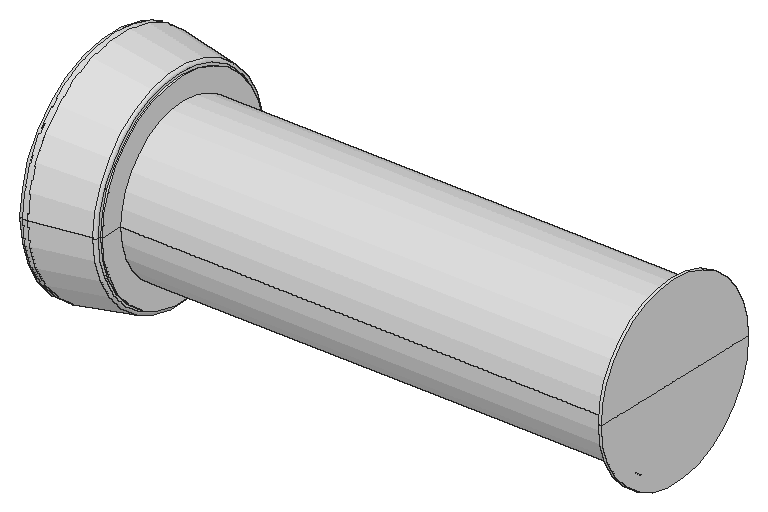
Revit family "ERA_Клапан приточный_KP KIV", category Оборудование, Revit 2019
Family settings
  Размер круглого соединителя = Использовать диаметр
  Классификация = Нет
  Тип детали = Вставляется
  На основе рабочей плоскости = Нет
  Всегда вертикально = Да
  При загрузке вырезать с полостями = Нет
  Общий = Нет
  Точка расчета площади = Нет
Parameters (values of type "12,5KP KIV050-03")
  УГО_Видимость [instance] = yes
  Производитель_Контакты_Телефон = "8 (4912) 70-16-76, 8 (4912) 24-16-00"  # constant formula
  Изготовитель = "ООО «ЭРА»"  # constant formula
  Длина воздуховода_Округленная [instance] = if((roundup(ERA_Длина воздуховода / 50 mm) * 50) * 1 mm < 400 mm, 400 mm, if((roundup(ERA_Длина воздуховода / 50 mm) * 50) * 1 mm > 1000 mm, 1000 mm, (roundup(ERA_Длина воздуховода / 50 mm) * 50) * 1 mm))  # 400 mm
  ERA_Цвет (декоративный) = "White"  # constant formula
  ERA_Принцип вентиляции = "Приточный"  # constant formula
  ERA_Материал утеплителя = size_lookup(LT, "Материал утеплителя", "Ошибка!", Code1)  # "вспен.ПЭТ"
  ERA_Материал корпуса = "пластик"  # constant formula
  ERA_Количество в транспортной упаковке = "1"  # constant formula
  URL = "https://era.trade"
  LT = "ERA_Клапан приточный_KP KIV"  # constant formula
  ERA_Цвет = "Белый"  # constant formula
  ERA_Управление = "Механическое"  # constant formula
  ERA_Торговая марка = "ERA"  # constant formula
  ERA_Страна производитель = "Россия"  # constant formula
  ERA_Размещение = "в стену"  # constant formula
  ERA_Контакты = "8 (4912) 70-16-76, 8 (4912) 24-16-00"  # constant formula
  ERA_Длина воздуховода [instance] = 0 mm
  ERA_Гарантия = "2 года"  # constant formula
  Code1 = 3
  ADSK_Этаж [instance] = ""
  ADSK_Размер_Ширина = ADSK_Размер_Высота  # 190 mm
  ADSK_Размер_Длина [instance] = Длина воздуховода_Округленная + 71 mm  # 471 mm
  ADSK_Размер_Диаметр = 125 mm  # constant formula
  ADSK_Размер_Высота = 190 mm  # constant formula
  ADSK_Примечание [instance] = ""
  ADSK_Позиция [instance] = ""
  ADSK_Обозначение = size_lookup(LT, "ADSK_Обозначение", "Ошибка!", Code1)  # "12,5KP KIV050-03"
  ADSK_Наименование краткое [instance] = ADSK_Марка  # "12,5KP KIV050-03"
  ADSK_Наименование = size_lookup(LT, "ADSK_Наименование", "Ошибка!", Code1)  # "Клапан приточный 12,5KP KIV050-03"
  ADSK_Материал = ERA_Пластик_Серебристый
  ADSK_Масса_Текст [instance] = size_lookup(LT, "ADSK_Масса_Текст", "Ошибка!", Code1, Длина воздуховода_Округленная)  # "0.95"
  ADSK_Масса [instance] = size_lookup(LT, "ADSK_Масса", 0, Code1, Длина воздуховода_Округленная)  # 0.95
  ADSK_Марка = ADSK_Обозначение  # "12,5KP KIV050-03"
  ADSK_Количество = 1  # constant formula
  ADSK_Код изделия = ADSK_Марка  # "12,5KP KIV050-03"
  ADSK_Завод-изготовитель = "ООО «ЭРА»"  # constant formula
  ADSK_Единица измерения = "шт."  # constant formula
  ADSK_Группирование [instance] = ""
  ADSK_Версия семейства = "Ver.1 2025-02"  # constant formula
  ADSK_Версия Revit = "2019"  # constant formula
  ADSK_URL страницы изделия = "https://era.trade/catalog/klapan_pritochnyy/kp-kiv/"
  ADSK_URL документации изделия = "https://era.trade/catalog/klapan_pritochnyy/kp-kiv/"
Types (3, lengths in mm): name | Длина воздуховода_Округленная | ERA_Материал утеплителя | ERA_Длина воздуховода | Code1 | ADSK_Размер_Длина | ADSK_Обозначение | ADSK_Наименование краткое | ADSK_Наименование | ADSK_Материал | ADSK_Масса_Текст | ADSK_Масса | ADSK_Марка | ADSK_Код изделия
  12,5KP KIV050-01 | 1000 | "мин.вата фольга" | 1100 | 1 | 1071 | "12,5KP KIV050-01" | "12,5KP KIV050-01" | "Клапан приточный 12,5KP KIV050-01" | ERA_Условный_Белый | "2.75" | 2.75 | "12,5KP KIV050-01" | "12,5KP KIV050-01"
  12,5KP KIV050-02 | 400 | "мин.вата" | 0 | 2 | 471 | "12,5KP KIV050-02" | "12,5KP KIV050-02" | "Клапан приточный 12,5KP KIV050-02" | ERA_Пластик_Серебристый | "0.95" | 0.95 | "12,5KP KIV050-02" | "12,5KP KIV050-02"
  12,5KP KIV050-03 | 400 | "вспен.ПЭТ" | 0 | 3 | 471 | "12,5KP KIV050-03" | "12,5KP KIV050-03" | "Клапан приточный 12,5KP KIV050-03" | ERA_Пластик_Серебристый | "0.95" | 0.95 | "12,5KP KIV050-03" | "12,5KP KIV050-03"
Reference planes
  plane 1 "По центру (Вперед/Назад)": y = 0
  plane 2: z = 0
  plane 3 "По центру (Влево/Вправо)": x = 0
  plane 4: x = -71.023
  plane 5: x = 399.977
  plane 6: y = 95
  plane 7: y = -95
  plane 8: x = 402.477
Forms (mm)
  Revolve 1, solid, material "ERA_Пластик_Серебристый" <- "ADSK_Материал", detail levels fine
    sketch origin (0.867, 0, 0) x (1, 0, 0) y (0, 1, 0)
      loop
        line (399.11, 64.3) -> (-0.867, 64.3) -> (-0.867, 82.5) -> (-2.85, 82.5) -> (-2.85, 84.126)
        arc (-2.85, 84.126) -> (-3.469, 85.827) -> (-5.037, 86.732) r 2.646
        line (-5.037, 86.732) -> (-52.09, 95.029) -> (-56.127, 95.029)
        spline (-56.127, 95.029) -> (-58.7, 94.13) -> (-60.033, 92.045) -> (-61.143, 88.748) -> (-62.199, 84.807) -> (-63.312, 80.574) -> (-64.482, 76.001) -> (-65.701, 71.001) -> (-66.96, 65.485) -> (-68.242, 59.363) -> (-69.513, 52.547) -> (-70.741, 44.944) -> (-71.89, 36.466)
        line (-71.89, 36.466) -> (-69.755, 33.416) -> (-67.234, 33.416) -> (-67.234, 27.048) -> (-68.54, 27.048) -> (-68.54, 28.56) -> (-71.14, 28.56) -> (-71.14, 0) -> (401.61, 0) -> (401.61, 75) -> (399.11, 75) -> (399.11, 64.3)
      axis (401.61, 0) -> (-71.89, 0)
    angle from 0 to 360
Dimensions and locks
  "ADSK_Размер_Длина": plane 4 to plane 5
  equal spacing: plane 6, plane 1 "По центру (Вперед/Назад)", plane 7
  "ADSK_Размер_Высота": plane 6 to plane 7
  locked: plane 4 to plane 3 "По центру (Влево/Вправо)" at 71.023
  "Длина воздуховода_Округленная": plane 3 "По центру (Влево/Вправо)" to plane 5
  locked: plane 5 to plane 8 at 2.5
  aligned and locked: level to plane 2
  aligned and locked: Revolve 1 sketch curve to plane 8
  aligned and locked: Revolve 1 sketch curve to plane 5
  aligned and locked: plane 4 to nested 1
  aligned and locked: plane 4 to nested 2
  aligned and locked: plane 1 "По центру (Вперед/Назад)" to nested 2
  aligned and locked: plane 1 "По центру (Вперед/Назад)" to nested 1
Automatic sketch dimensions
  plane 1 "По центру (Вперед/Назад)" to Revolve 1 sketch curve = 0 mm  (x2)
  Revolve 1 sketch curve to plane 4 = 0 mm
  Revolve 1 sketch curve to plane 3 "По центру (Влево/Вправо)" = 0 mm
  Revolve 1 sketch curve to plane 4 = 0.75 mm
  Revolve 1 sketch curve to plane 4 = 2.135 mm
  Revolve 1 sketch curve to Revolve 1 sketch curve = 2.6 mm
  Revolve 1 sketch curve to Revolve 1 sketch curve = 1.306 mm
  Revolve 1 sketch curve to plane 6 = 0.029 mm
  Revolve 1 sketch curve to plane 4 = 15.763 mm
  Revolve 1 sketch curve to Revolve 1 sketch curve = 4.037 mm
  Revolve 1 sketch curve to plane 3 "По центру (Влево/Вправо)" = 4.629 mm
  Revolve 1 sketch curve to Revolve 1 sketch curve = 0.459 mm
  Revolve 1 sketch curve to plane 3 "По центру (Влево/Вправо)" = 1.983 mm
  Revolve 1 sketch curve to plane 1 "По центру (Вперед/Назад)" = 27.048 mm
  Revolve 1 sketch curve to Revolve 1 sketch curve = 1.512 mm
  Revolve 1 sketch curve to Revolve 1 sketch curve = 4.857 mm
  Revolve 1 sketch curve to Revolve 1 sketch curve = 3.049 mm
  plane 6 to Revolve 1 sketch curve = 30.7 mm
  Revolve 1 sketch curve to Revolve 1 sketch curve = 10.7 mm
  plane 6 to Revolve 1 sketch curve = 12.5 mm
  Revolve 1 sketch curve to Revolve 1 sketch curve = 1.626 mm
  plane 4 to Revolve 1 sketch curve = 1928.11 mm
  plane 8 to Revolve 1 sketch curve = 1598.5 mm
Nested families
  nested 1: "УГО_Приток_3D" at (103.977, 0, 0) x (1, 0, 0) z (0, -1, 0), visible <- "УГО_Видимость", type "УГО_Приток_3D", detail levels coarse+medium
    with B 350 mm
  nested 2: "УГО_Приток_2D" at (12.277, 0, 0), visible <- "УГО_Видимость", type "УГО_Приток_2D", detail levels coarse+medium
Definition of nested family "УГО_Приток_3D"
  Parameters (values of type "УГО_Приток_3D")
    Description = ""
    Model = ""
    B [instance] = 350 mm
  Reference planes
    plane 1 "По центру (Вперед/Назад)": y = 0
    plane 2: z = 0
    plane 3 "По центру (Влево/Вправо)": x = 0
    plane 4: x = -175
    plane 5: x = 175
    plane 6: y = 175
    plane 7: y = -175
  Forms (mm)
    Extrusion 1, solid
      sketch origin (0, 0, 0) x (1, 0, 0) y (0, 1, 0)
        loop
          line (-87.5, -151.554) -> (175, 0) -> (-87.5, 151.554) -> (-175, 151.554) -> (-175, -151.554) -> (-87.5, -151.554)
      from 0.1 to -0.1
  Lines and regions (mm)
    model lines, not visible
      curve 1: circle (0, 0, 0) r 175 normal (0, 0, 1)
    model lines
      curve 2: line (175, 0, 0) -> (-87.5, -151.554, 0)
      curve 3: line (-87.5, -151.554, 0) -> (-87.5, 151.554, 0)
      curve 4: line (175, 0, 0) -> (-87.5, 151.554, 0)
      curve 5: line (-137.5, -151.554, 0) -> (-137.5, 151.554, 0)
  Dimensions and locks
    equal spacing: plane 4, plane 3 "По центру (Влево/Вправо)", plane 5
    "B": plane 4 to plane 5
    equal spacing: plane 7, plane 1 "По центру (Вперед/Назад)", plane 6
    "B": plane 7 to plane 6
    "B": diameter of curve 1
    locked: curve 4 to plane 1 "По центру (Вперед/Назад)" (angle 30.00°)
    locked: curve 3 to curve 4 (angle 60.00°)
    locked: curve 2 to curve 3 (angle 60.00°)
    aligned and locked: level to plane 2
    aligned and locked: plane 3 "По центру (Влево/Вправо)" to curve 1
    aligned and locked: plane 1 "По центру (Вперед/Назад)" to curve 1
  Automatic sketch dimensions
    Extrusion 1 sketch curve to plane 4 = 0 mm
    plane 1 "По центру (Вперед/Назад)" to Extrusion 1 sketch curve = 0 mm
    Extrusion 1 sketch curve to plane 5 = 0 mm
    Extrusion 1 sketch curve to plane 7 = 23.446 mm
    Extrusion 1 sketch curve to Extrusion 1 sketch curve = 87.5 mm
    Extrusion 1 sketch curve to plane 3 "По центру (Влево/Вправо)" = 87.5 mm
    Extrusion 1 sketch curve to plane 6 = 23.446 mm
    curve 5 to plane 4 = 37.5 mm
    curve 5 to plane 7 = 23.446 mm
    curve 5 to plane 6 = 23.446 mm
Definition of nested family "УГО_Приток_2D"
  Parameters (values of type "УГО_Приток_2D")
    Description = ""
    l = 206.114 mm
    a = 0.15 * A  # 35.7 mm
    A = 238 mm
  Reference planes
    plane 1 "По центру (Вперед/Назад)": y = 0
    plane 2: z = 0
    plane 3 "По центру (Влево/Вправо)": x = 0
    plane 4: x = -119
    plane 5: x = 119
    plane 6: y = 119
    plane 7: y = -119
  Lines and regions (mm)
    detail lines, in view "Опорный уровень", not visible
      curve 1: circle (0, 0, 0) r 119 normal (0, 0, 1)
    detail lines, in view "Опорный уровень"
      curve 2: line (119, 0, 0) -> (-59.5, 103.057, 0)
      curve 3: line (-59.5, 103.057, 0) -> (-59.5, -103.057, 0)
      curve 4: line (119, 0, 0) -> (-59.5, -103.057, 0)
      curve 5: line (-83.3, 103.057, 0) -> (-83.3, -103.057, 0)
  Dimensions and locks
    equal spacing: plane 7, plane 1 "По центру (Вперед/Назад)", plane 6
    "A": plane 7 to plane 6
    "A": plane 4 to plane 5
    equal spacing: plane 4, plane 3 "По центру (Влево/Вправо)", plane 5
    "a": plane 4 to curve 5
    "l": curve 4 to curve 3
    equal spacing: curve 5, plane 1 "По центру (Вперед/Назад)", curve 5
    "l": curve 5 to curve 5
    locked: curve 2 to plane 1 "По центру (Вперед/Назад)" (angle 30.00°)
    locked: curve 3 to curve 2 (angle 60.00°)
    locked: curve 4 to curve 3 (angle 60.00°)
    aligned and locked: plane 1 "По центру (Вперед/Назад)" to curve 1
    aligned and locked: plane 3 "По центру (Влево/Вправо)" to curve 1
